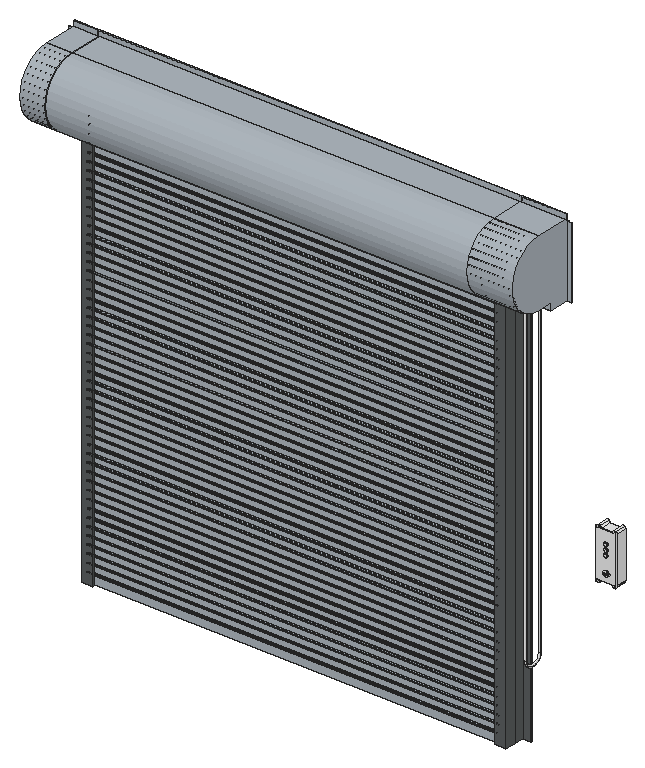
Revit family "Doors_Industrial_Wayne-Dalton_High-Cycle-Rolling-Service-Doors-Model-800C-HC_", category Specialty Equipment, host Wall, Revit 2019 (continued)
Definition of nested family "Lifts"
  Automatic sketch dimensions
    Masking region 3 sketch curve to curve 3 = 3.05"
    curve 3 to Masking region 3 sketch curve = 3.05"
    Masking region 3 sketch curve to curve 3 = 3.54"
    Masking region 4 sketch curve to curve 3 = 3/4"
    Masking region 4 sketch curve to Masking region 4 sketch curve = 0.1366"
    curve 3 to Masking region 4 sketch curve = 3/4"
    Masking region 4 sketch curve to Masking region 4 sketch curve = 0.3866"
    Masking region 4 sketch curve to curve 3 = 4.03743"
    Masking region 4 sketch curve to Masking region 4 sketch curve = 0.37743"  (x2)
    Masking region 4 sketch curve to Masking region 4 sketch curve = 0.12"
    curve 4 to curve 3 = 3.05"
    curve 6 to curve 3 = 3.66"
    curve 3 to curve 5 = 0.24619"
    curve 5 to curve 4 = 0"
    curve 6 to curve 3 = 3/4"
    curve 3 to curve 6 = 3/4"
    curve 3 to curve 5 = 3.05"
    curve 6 to curve 4 = 2.3"
    curve 6 to curve 4 = 0.37"
    Masking region 2 sketch curve to plane 13 = 0"
    Masking region 2 sketch curve to plane 17 = 0"
    plane 1 "Center (Front/Back)" to Masking region 2 sketch curve = 0"  (x2)
    Masking region 2 sketch curve to plane 18 = 0"
    Masking region 2 sketch curve to plane 12 = 0"
    plane 13 to Masking region 2 sketch curve = 1/16"
    Masking region 2 sketch curve to plane 7 "Real Opening 2" = 1/16"
    Masking region 2 sketch curve to plane 1 "Center (Front/Back)" = 1/16"
    Masking region 2 sketch curve to Masking region 2 sketch curve = 3/16"
    Masking region 2 sketch curve to plane 8 "Real Opening 1" = 1/4"
    Masking region 2 sketch curve to plane 8 "Real Opening 1" = 1/16"
    plane 12 to Masking region 2 sketch curve = 1/16"
    Masking region 2 sketch curve to Masking region 2 sketch curve = 1/16"
    Masking region 2 sketch curve to Masking region 2 sketch curve = 2 9/16"  (x2)
    Sweep 11 sketch curve to plane 30 = 0"
    Sweep 11 sketch curve to plane 1 "Center (Front/Back)" = 7"
    Sweep 11 sketch curve to Sweep 11 sketch curve = 2 7/16"
    Masking region 5 sketch curve to plane 1 "Center (Front/Back)" = 1/4"
    curve 1 to plane 17 = 0"
    curve 2 to plane 18 = 0"
    Extrusion 1 sketch curve to Extrusion 1 sketch curve = 3/8"
    Extrusion 2 sketch curve to level = 0"
    Extrusion 6 sketch curve to plane 17 = 1/4"
    plane 18 to Extrusion 6 sketch curve = 1/4"
    radius of Extrusion 3 sketch curve = 0.6"
    radius of Sweep 11 sketch curve = 0.2675"
    radius of Extrusion 14 sketch curve = 3/4"
    radius of Extrusion 14 sketch curve = 1/2"  (x3)
Definition of nested family "Label Annotation 1"
  Parameters (values of type "Label Annotation 1-8")
    Label = "Area is too big. Please reduce Door Size."
  Reference planes (in)
    plane 1: y = 0
    plane 2: x = 0
  Text (in)
    label "Label" at (0.00375, -0.00345, 0), shows "Label"
Definition of nested family "Warning Sign"
  Parameters (values of type "Warning Sign")
    Warning Sign [instance] = no
    Default Elevation = 48"
  Reference planes (in)
    plane 1 "Center (Front/Back)": y = 0
    plane 2: z = 0
    plane 3 "Center (Left/Right)": x = 0
    plane 4: y = 0.5
    plane 5: y = -0.5
    plane 6: y = 1
    plane 7: y = 0.25
  Lines and regions (in)
    model lines
      curve 1: line (-2.26129, 1, 45.69444) -> (-26.3817, 1, 3.91667)
      curve 2: line (-25.25106, 1, 3.26389) -> (-1.13064, 1, 45.04167)
      curve 3: arc (2.26129, 1, 45.69444) -> (0, 1, 47) -> (-2.26129, 1, 45.69444) r 2.61111
      curve 4: arc (-1.13064, 1, 45.04167) -> (0, 1, 45.69444) -> (1.13064, 1, 45.04167) r 1.30556
      curve 5: line (1.13064, 1, 45.04167) -> (25.25106, 1, 3.26389)
      curve 6: line (26.3817, 1, 3.91667) -> (2.26129, 1, 45.69444)
      curve 7: arc (25.25106, 1, 3.26389) -> (25.25106, 1, 1.95833) -> (24.12041, 1, 1.30556) r 1.30556
      curve 8: arc (24.12041, 1, 0) -> (26.3817, 1, 1.30556) -> (26.3817, 1, 3.91667) r 2.61111
      curve 9: line (24.12041, 1, 1.30556) -> (-24.12041, 1, 1.30556)
      curve 10: line (-24.12041, 1, 0) -> (24.12041, 1, 0)
      curve 11: arc (-24.12041, 1, 1.30556) -> (-25.25106, 1, 1.95833) -> (-25.25106, 1, 3.26389) r 1.30556
      curve 12: arc (-26.3817, 1, 3.91667) -> (-26.3817, 1, 1.30556) -> (-24.12041, 1, 0) r 2.61111
      curve 13: arc (-2.29479, 1, 8.63537) -> (0, 1, 6.34057) -> (2.29479, 1, 8.63537) r 2.29479
      curve 14: arc (2.29479, 1, 8.63537) -> (0, 1, 10.93016) -> (-2.29479, 1, 8.63537) r 2.29479
      curve 15: arc (-1.6331, 1, 13.97069) -> (0.03439, 1, 12.53727) -> (1.69278, 1, 13.98121) r 1.68043
      curve 16: line (-3.77413, 1, 28.37873) -> (-1.6331, 1, 13.97069)
      curve 17: line (1.69278, 1, 13.98121) -> (3.73924, 1, 28.37873)
      curve 18: arc (3.73924, 1, 28.37873) -> (-0.01745, 1, 32.13541) -> (-3.77413, 1, 28.37873) r 3.75668
      curve 19: line (-2.26129, -0.5, 45.69444) -> (-26.3817, -0.5, 3.91667)
      curve 20: line (-25.25106, -0.5, 3.26389) -> (-1.13064, -0.5, 45.04167)
      curve 21: arc (2.26129, -0.5, 45.69444) -> (0, -0.5, 47) -> (-2.26129, -0.5, 45.69444) r 2.61111
      curve 22: arc (-1.13064, -0.5, 45.04167) -> (0, -0.5, 45.69444) -> (1.13064, -0.5, 45.04167) r 1.30556
      curve 23: line (1.13064, -0.5, 45.04167) -> (25.25106, -0.5, 3.26389)
      curve 24: line (26.3817, -0.5, 3.91667) -> (2.26129, -0.5, 45.69444)
      curve 25: arc (25.25106, -0.5, 3.26389) -> (25.25106, -0.5, 1.95833) -> (24.12041, -0.5, 1.30556) r 1.30556
      curve 26: arc (24.12041, -0.5, 0) -> (26.3817, -0.5, 1.30556) -> (26.3817, -0.5, 3.91667) r 2.61111
      curve 27: line (24.12041, -0.5, 1.30556) -> (-24.12041, -0.5, 1.30556)
      curve 28: line (-24.12041, -0.5, 0) -> (24.12041, -0.5, 0)
      curve 29: arc (-24.12041, -0.5, 1.30556) -> (-25.25106, -0.5, 1.95833) -> (-25.25106, -0.5, 3.26389) r 1.30556
      curve 30: arc (-26.3817, -0.5, 3.91667) -> (-26.3817, -0.5, 1.30556) -> (-24.12041, -0.5, 0) r 2.61111
      curve 31: arc (-2.29479, -0.5, 8.63537) -> (0, -0.5, 6.34057) -> (2.29479, -0.5, 8.63537) r 2.29479
      curve 32: arc (2.29479, -0.5, 8.63537) -> (0, -0.5, 10.93016) -> (-2.29479, -0.5, 8.63537) r 2.29479
      curve 33: arc (-1.6331, -0.5, 13.97069) -> (0.03439, -0.5, 12.53727) -> (1.69278, -0.5, 13.98121) r 1.68043
      curve 34: line (-3.77413, -0.5, 28.37873) -> (-1.6331, -0.5, 13.97069)
      curve 35: line (1.69278, -0.5, 13.98121) -> (3.73924, -0.5, 28.37873)
      curve 36: arc (3.73924, -0.5, 28.37873) -> (-0.01745, -0.5, 32.13541) -> (-3.77413, -0.5, 28.37873) r 3.75668
  Dimensions and locks (in)
    locked: plane 1 "Center (Front/Back)" to plane 4 at 0.5
    equal spacing: plane 1 "Center (Front/Back)", plane 7, plane 4
    locked: plane 4 to plane 6 at 0.5
    locked: plane 5 to plane 1 "Center (Front/Back)" at 0.5
    aligned and locked: plane 2 to level
  Automatic sketch dimensions
    curve 21 to curve 22 = 0"  (x2)
    curve 25 to curve 26 = 0"  (x2)
    curve 29 to curve 30 = 0"  (x2)
    curve 31 to curve 32 = 0"  (x2)
    curve 21 to plane 3 "Center (Left/Right)" = 0"
    curve 31 to plane 3 "Center (Left/Right)" = 0"
    curve 30 to level = 0"
    level to curve 27 = 1.30556"
    curve 26 to curve 27 = 1.30556"
    curve 29 to curve 27 = 1.30556"
    curve 23 to curve 25 = 0.65278"
    curve 20 to curve 29 = 0.65278"
    curve 24 to curve 23 = 0.65278"
    curve 19 to curve 20 = 0.65278"
    level to curve 32 = 8.63537"
    curve 34 to plane 3 "Center (Left/Right)" = 1.6331"
    curve 34 to curve 31 = 5.33532"
    plane 3 "Center (Left/Right)" to curve 35 = 1.69278"
    curve 35 to curve 34 = 0.01052"
    plane 3 "Center (Left/Right)" to curve 33 = 0.02908"
    curve 36 to plane 3 "Center (Left/Right)" = 0.01745"
    curve 36 to curve 33 = 14.16104"
    curve 22 to curve 36 = 16.01016"
    plane 3 "Center (Left/Right)" to curve 23 = 1.13064"
    curve 23 to curve 21 = 0.65278"
    curve 20 to plane 3 "Center (Left/Right)" = 1.13064"
    plane 3 "Center (Left/Right)" to curve 24 = 2.26129"
    curve 24 to curve 22 = 0.65278"
    curve 19 to plane 3 "Center (Left/Right)" = 2.26129"
    curve 34 to curve 36 = 3.75668"
    curve 30 to plane 3 "Center (Left/Right)" = 24.12041"
    plane 3 "Center (Left/Right)" to curve 25 = 24.12041"
    curve 31 to curve 31 = 2.29479"
    curve 3 to curve 4 = 0"  (x2)
    curve 7 to curve 8 = 0"  (x2)
    curve 11 to curve 12 = 0"  (x2)
    curve 13 to curve 14 = 0"  (x2)
    curve 3 to plane 3 "Center (Left/Right)" = 0"
    curve 13 to plane 3 "Center (Left/Right)" = 0"
    curve 12 to level = 0"
    level to curve 9 = 1.30556"
    curve 8 to curve 9 = 1.30556"
    curve 11 to curve 9 = 1.30556"
    curve 5 to curve 7 = 0.65278"
    curve 2 to curve 11 = 0.65278"
    curve 6 to curve 5 = 0.65278"
    curve 1 to curve 2 = 0.65278"
    level to curve 14 = 8.63537"
    curve 16 to plane 3 "Center (Left/Right)" = 1.6331"
    curve 16 to curve 13 = 5.33532"
    plane 3 "Center (Left/Right)" to curve 17 = 1.69278"
    curve 17 to curve 16 = 0.01052"
    plane 3 "Center (Left/Right)" to curve 15 = 0.02908"
    curve 18 to plane 3 "Center (Left/Right)" = 0.01745"
    curve 18 to curve 15 = 14.16104"
    curve 4 to curve 18 = 16.01016"
    plane 3 "Center (Left/Right)" to curve 5 = 1.13064"
    curve 5 to curve 3 = 0.65278"
    curve 2 to plane 3 "Center (Left/Right)" = 1.13064"
    plane 3 "Center (Left/Right)" to curve 6 = 2.26129"
    curve 6 to curve 4 = 0.65278"
    curve 1 to plane 3 "Center (Left/Right)" = 2.26129"
    curve 16 to curve 18 = 3.75668"
    curve 12 to plane 3 "Center (Left/Right)" = 24.12041"
    plane 3 "Center (Left/Right)" to curve 7 = 24.12041"
    curve 13 to curve 13 = 2.29479"
Types (6): name | Voltage | Number of Poles | Apparent Load Phase 3 | Apparent Load Phase 2 | Apparent Load Phase 1
  230 volts, three phase, 60 Hz (220-240V range) | 230 V | 3 | 2655.81 VA | 2655.81 VA | 2655.81 VA
  460 volts, three phase, 60 Hz (440-480V range) | 460 V | 3 | 5311.62 VA | 5311.62 VA | 5311.62 VA
  220 volts, one phase, 60 Hz (220-240V range) | 220 V | 1 | 0 VA | 0 VA | 4400 VA
  208 volts, one phase, 60 Hz (208-240V range) | 208 V | 1 | 0 VA | 0 VA | 4160 VA
  208 volts, three phase, 60 Hz (208-240V range) | 208 V | 3 | 2401.78 VA | 2401.78 VA | 2401.78 VA
  575 volts, three phase, 60 Hz | 575 V | 3 | 6639.53 VA | 6639.53 VA | 6639.53 VA
